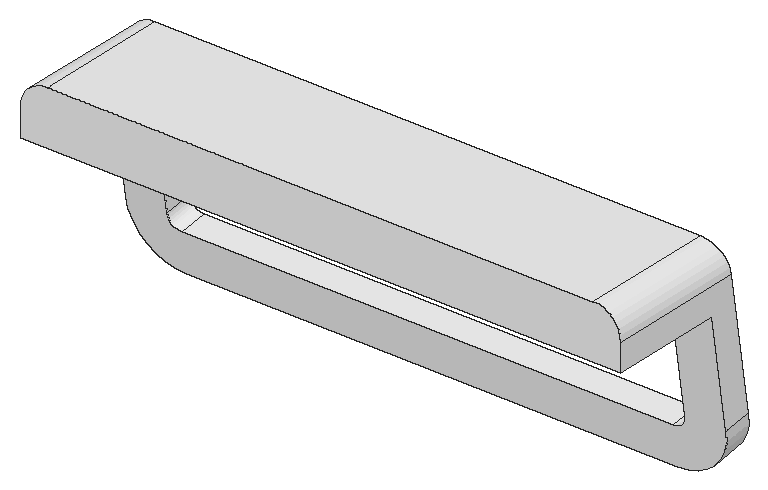
Revit family "LQ6040001_Toallero Argolla", category Furniture, host Wall, Revit 2019
Family settings
  Host = Wall
  OmniClass Number = 23.31.25.25
  OmniClass Title = Towel Bars
  Always vertical = Yes
  Cut with Voids When Loaded = No
  Shared = No
  Room Calculation Point = No
Parameters (values of type "Type 1")
  Uso = "Residencial"  # constant formula
  URL = "https://corona.co/productos/accesorios/kit-de-accesorios/kit-por-6-accesorios-liquid/p/LQ6080001"
  Tecnologías = "DuraCrome"  # constant formula
  Resistencia = "Resistente a la corrosión\r\npelado y decoloración por agua\r\nResistencia al peso general hasta 9 kg\r\nResistencia al peso del toallero barra hasta 23 kg"  # constant formula
  Referencia = "LQ6040001"  # constant formula
  Profundidad = 61 mm  # constant formula
  Número de piezas = "6"  # constant formula
  Material = Corona_Cromado
  Manufacturer = "Corona"  # constant formula
  Línea = "Liquid"  # constant formula
  Garantía Acabados = "5 años en acabados"  # constant formula
  Garantía = "30 años en estructura"  # constant formula
  Fecha de creación = "13/08/2020"  # constant formula
  Description = "La línea de griferías, duchas y accesorios Liquid se inspira en la tensión superficial del agua y en cómo esta crea formas armoniosas adaptándose al ambiente. Al igual que el agua, las superficies de las griferías Liquid juegan con la luz y los reflejos que fluyen alrededor de sus formas. Sus líneas continuas y simplicidad formal proporcionan la ventaja práctica, limpieza sin esfuerzo."  # constant formula
  Creado por = "IDD"  # constant formula
  Componentes = "Percha - Toallero - Jabonera - Barra - Cepillera - Portarrollo"  # constant formula
  Colección = "Liquid"  # constant formula
  Ancho = 420 mm  # constant formula
  Altura = 900 mm
  Alto = 79.9 mm  # constant formula
Reference planes
  plane 1 "Wall": y = 0
  plane 2 "Center (Left/Right)": x = 125
  plane 3 "Back": y = 75
  plane 4: z = 900
  plane 5: x = 335
  plane 6: x = -85
  plane 7: z = 939.95
  plane 8: z = 860.05
  plane 9: y = 136
Text (mm)
  text "Placement Side" at (-1848.837, 1116.779, 0), in view "Ref. Level"
  text "Placement side" at (0, 1409.804, 2854.306), in view "Left"
  text "Placement side" at (0, 499.811, 2980.732), in view "Right"
Dimensions and locks
  locked: plane 3 "Back" to host wall
  equal spacing: plane 8, plane 4, plane 7
  "Alto": plane 8 to plane 7
  equal spacing: plane 6, plane 2 "Center (Left/Right)", plane 5
  "Ancho": plane 6 to plane 5
  "Profundidad": plane 9 to host wall
  plane 4 to plane 8 = 39.95 mm
  "Altura": plane 4 to level
  aligned and locked: plane 1 "Wall" to host wall
  aligned and locked: nested 1 to plane 7
  aligned and locked: nested 3 to plane 7
  aligned and locked: nested 3 to plane 5
  aligned and locked: nested 4 to plane 9
  aligned and locked: nested 4 to plane 5
  aligned and locked: nested 2 to plane 7
  aligned and locked: nested 2 to plane 6
Nested families
  nested 1: "Lateral" at (125, 75, 860.15) x (0, -1, 0) z (1, 0, 0), type "Lateral"
  nested 2: "Toallero Argolla" at (135, 105, 860.15) x (-1, 0, 0) z (0, 0, 1), type "Toallero Argolla"
  nested 3: "Frontal" at (335, 0, 860.15) x (-1, 0, 0) z (0, -1, 0), type "Frontal"
  nested 4: "Planta" at (115, 75, 0), type "Planta"
Definition of nested family "Toallero Argolla"
  Parameters (values of type "Toallero Argolla")
    Profundidad = 61 mm
    Material = none
    Ancho = 220 mm
    Alto = 79.8 mm
  Reference planes
    plane 1 "Center (Front/Back)": y = 0
    plane 2: z = 0
    plane 3 "Center (Left/Right)": x = 0
    plane 4: x = 220
    plane 5: y = 30.5
    plane 6: y = -30.5
    plane 7: z = 79.8
    plane 8: x = 70.15
  Forms (mm)
    Extrusion 1, solid, material <- "Material", detail levels coarse
      sketch origin (0, 0, 0) x (1, 0, 0) y (0, 1, 0)
        loop
          line (0, 30.5) -> (0, -30.5) -> (220, -30.5) -> (220, 30.5) -> (0, 30.5)
      from 0 to 79.8
    Sweep 2, solid, material <- "Material", detail levels medium+fine
      path origin (250, -30.492, 4.34) x (0, 0.156397, 0.987694) y (-1, 0, 0)
        loop
          line (61.561, 250) -> (16.561, 250)
          arc (16.561, 250) -> (2.419, 244.142) -> (-3.439, 230) r 20
          line (-3.439, 230) -> (-3.439, 50)
          arc (-3.439, 50) -> (2.419, 35.858) -> (16.561, 30) r 20
          line (16.561, 30) -> (61.561, 30)
      profile origin (220, -24.383, 42.92) x (-1, 0, 0) y (0, -0.987694, 0.156397)
        loop
          line (15, 0) -> (0, 0) -> (0, -10.196) -> (15, -10.196) -> (15, 0)
    Extrusion 3, solid, material <- "Material", detail levels medium+fine
      sketch origin (0, 0, 0) x (1, 0, 0) y (0, 0, 1)
        loop
          arc (10, 79.8) -> (2.929, 76.871) -> (0, 69.8) r 10
          line (0, 69.8) -> (0, 59.8) -> (220, 59.8) -> (220, 69.8)
          arc (220, 69.8) -> (217.071, 76.871) -> (210, 79.8) r 10
          line (210, 79.8) -> (10, 79.8)
      from -30.5 to 30.5
    Extrusion 4, void
      sketch origin (0, 0, 0) x (0, 1, 0) y (0, 0, 1)
        loop
          line (-18.543, 79.8) -> (-30.5, 79.8) -> (-30.5, 59.8) -> (-21.71, 59.8) -> (-18.543, 79.8)
      from 0 to 250
  Cuts and joins
    Extrusion 4 cuts Sweep 2
    Extrusion 4 cuts Extrusion 3
    joined: Sweep 2, Extrusion 3
  Dimensions and locks
    equal spacing: plane 5, plane 1 "Center (Front/Back)", plane 6
    "Profundidad": plane 5 to plane 6
    "Ancho": plane 3 "Center (Left/Right)" to plane 4
    "Alto": plane 7 to level
    aligned and locked: level to plane 2
    aligned and locked: Extrusion 1 sketch curve to plane 5
    aligned and locked: plane 4 to Extrusion 1 sketch curve
    aligned and locked: plane 6 to Extrusion 1 sketch curve
    aligned and locked: plane 7 to Extrusion 1
  Automatic sketch dimensions
    Extrusion 1 sketch curve to plane 3 "Center (Left/Right)" = 0 mm
    profile plane to Sweep 2 sketch curve = 0 mm
    Sweep 2 sketch curve to profile plane = 15 mm
    Sweep 2 sketch curve to profile plane = 10.196 mm
    Sweep 2 sketch curve to profile plane = 0 mm
    Extrusion 3 sketch curve to plane 3 "Center (Left/Right)" = 0 mm
    Extrusion 3 sketch curve to plane 7 = 0 mm
    plane 4 to Extrusion 3 sketch curve = 0 mm
    plane 3 "Center (Left/Right)" to Extrusion 3 sketch curve = 10 mm
    plane 4 to Extrusion 3 sketch curve = 10 mm
    Extrusion 3 sketch curve to Extrusion 3 sketch curve = 10 mm
    Extrusion 4 sketch curve to plane 6 = 0 mm
    Extrusion 4 sketch curve to plane 7 = 0 mm
    plane 6 to Extrusion 4 sketch curve = 11.957 mm
    plane 6 to Extrusion 4 sketch curve = 8.79 mm
    level to Extrusion 4 sketch curve = 59.8 mm
    Sweep 2 sketch curve to plane 3 "Center (Left/Right)" = 0 mm
    Sweep 2 sketch curve to plane 4 = 0 mm
    plane 3 "Center (Left/Right)" to Sweep 2 sketch curve = 20 mm
    plane 4 to Sweep 2 sketch curve = 20 mm
    Sweep 2 sketch curve to Sweep 2 sketch curve = 45 mm  (x2)
Definition of nested family "Lateral"
  Reference planes
    plane 1 "Center (Front/Back)": y = 0
    plane 2: z = 0
    plane 3 "Center (Left/Right)": x = 0
    plane 4: y = 79.8
    plane 5: x = -61.3
  Lines and regions (mm)
    detail lines, in view "Ref. Level"
      curve 1: line (-61.239, 5.374, 0) -> (-49.573, 71.536, 0)
      curve 2: line (-39.725, 79.8, 0) -> (0, 79.8, 0)
      curve 3: line (0, 79.8, 0) -> (0, 59.8, 0)
      curve 4: line (0, 59.8, 0) -> (-40.601, 59.8, 0)
      curve 5: line (-40.601, 59.8, 0) -> (-50.531, 3.486, 0)
      curve 6: line (-55.165, 0.241, 0) -> (-57.995, 0.74, 0)
      curve 7: arc (-57.995, 0.74, 0) -> (-60.577, 2.385, 0) -> (-61.239, 5.374, 0) r 4
      curve 8: arc (-50.531, 3.486, 0) -> (-52.176, 0.904, 0) -> (-55.165, 0.241, 0) r 4
      curve 9: arc (-49.573, 71.536, 0) -> (-46.153, 77.46, 0) -> (-39.725, 79.8, 0) r 10
Definition of nested family "Frontal"
  Reference planes
    plane 1 "Center (Front/Back)": y = 0
    plane 2: z = 0
    plane 3 "Center (Left/Right)": x = 0
    plane 4: x = 220
    plane 5: y = 79.8
  Lines and regions (mm)
    detail lines, in view "Ref. Level"
      curve 1: line (20, 0, 0) -> (200, 0, 0)
      curve 2: line (0, 69.8, 0) -> (0, 20, 0)
      curve 3: line (210, 79.8, 0) -> (10, 79.8, 0)
      curve 4: arc (20, 0, 0) -> (5.858, 5.858, 0) -> (0, 20, 0) r 20
      curve 5: arc (0, 69.8, 0) -> (2.929, 76.871, 0) -> (10, 79.8, 0) r 10
      curve 6: line (198, 59.8, 0) -> (22, 59.8, 0)
      curve 7: line (22, 15, 0) -> (198, 15, 0)
      curve 8: arc (22, 15, 0) -> (17.05, 17.05, 0) -> (15, 22, 0) r 7
      curve 9: line (15, 52.8, 0) -> (15, 22, 0)
      curve 10: arc (15, 52.8, 0) -> (17.05, 57.75, 0) -> (22, 59.8, 0) r 7
      curve 11: line (220, 69.8, 0) -> (220, 20, 0)
      curve 12: arc (200, 0, 0) -> (214.142, 5.858, 0) -> (220, 20, 0) r 20
      curve 13: arc (220, 69.8, 0) -> (217.071, 76.871, 0) -> (210, 79.8, 0) r 10
      curve 14: arc (198, 15, 0) -> (202.95, 17.05, 0) -> (205, 22, 0) r 7
      curve 15: line (205, 52.8, 0) -> (205, 22, 0)
      curve 16: arc (205, 52.8, 0) -> (202.95, 57.75, 0) -> (198, 59.8, 0) r 7
  Dimensions and locks
    aligned and locked: plane 1 "Center (Front/Back)" to curve 1
    aligned and locked: curve 2 to plane 3 "Center (Left/Right)"
    aligned and locked: plane 5 to curve 3
Definition of nested family "Planta"
  Reference planes
    plane 1 "Center (Front/Back)": y = 0
    plane 2: z = 0
    plane 3 "Center (Left/Right)": x = 0
    plane 4: x = 220
    plane 5: y = 61
  Lines and regions (mm)
    detail lines, in view "Ref. Level"
      curve 1: line (220, 0, 0) -> (0, 0, 0)
      curve 2: line (220, 61, 0) -> (220, 0, 0)
      curve 3: line (0, 61, 0) -> (220, 61, 0)
      curve 4: line (0, 0, 0) -> (0, 61, 0)
      curve 5: line (0, 46, 0) -> (220, 46, 0)
